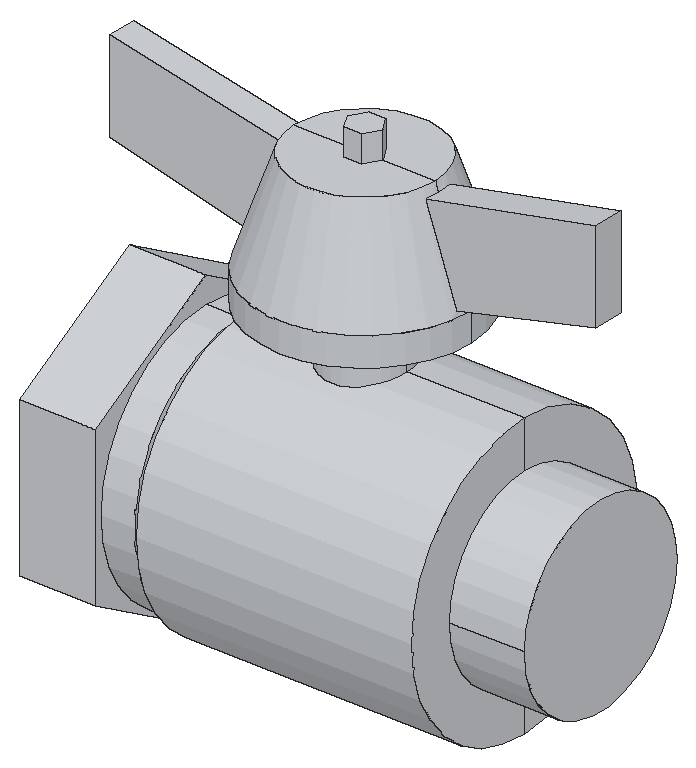
Revit family "Ahlsell_Кран_Шаровый_Бабочка", category Арматура трубопроводов, Revit 2016
Family settings
  Тип детали = Клапан - Вставляется
  Размер круглого соединителя = Использовать диаметр
  На основе рабочей плоскости = Нет
  Всегда вертикально = Нет
  При загрузке вырезать с полостями = Нет
  Общий = Нет
Parameters (values of type "Кран шаровый бабочка ahlsell  DN 1" НР-ВР")
  Ширина_Гайки = if(ADSK_Диаметр условный = 15 mm, 25 mm, if(ADSK_Диаметр условный = 20 mm, 30 mm, if(ADSK_Диаметр условный = 25 mm, 36 mm, 0 mm)))  # 36 mm
  Толщина_Гайки = 10 mm  # constant formula
  Тип_Бабочки = Бабочка : 1''
  Длина_Крана = if(ADSK_Диаметр условный = 15 mm, 46 mm, if(ADSK_Диаметр условный = 20 mm, 53 mm, if(ADSK_Диаметр условный = 25 mm, 62 mm, 0 mm)))  # 62 mm
  Длина_Бабочки = if(ADSK_Диаметр условный = 15 mm, 48 mm, if(ADSK_Диаметр условный = 20 mm, 48 mm, if(ADSK_Диаметр условный = 25 mm, 64 mm, 0 mm)))  # 64 mm
  Высота_Вентиля = if(ADSK_Диаметр условный = 15 mm, 16 mm, if(ADSK_Диаметр условный = 20 mm, 16 mm, if(ADSK_Диаметр условный = 25 mm, 21 mm, 0 mm)))  # 21 mm
  Высота_Бабочки = if(ADSK_Диаметр условный = 15 mm, 32 mm, if(ADSK_Диаметр условный = 20 mm, 35 mm, if(ADSK_Диаметр условный = 25 mm, 46 mm, 0 mm)))  # 46 mm
  ВР_ВР = no
  ВН_ВР = not(ВР_ВР)  # yes
  ADSK_Страна производства = "AHLSELL_PEX – Испания, Китай"  # constant formula
  ADSK_Обозначение = ""
  ADSK_Наименование = "Кран шаровый бабочка ahlsell  DN 1\" НР-ВР"
  ADSK_Масса_Текст = "0.305"
  ADSK_Код изделия = "AHLBV1MFTHFB"
  ADSK_Завод-изготовитель = "Алсель"  # constant formula
  ADSK_Единица измерения = "шт."  # constant formula
  ADSK_Диаметр условный = 25 mm
  ADSK_URL страницы изделия = "http://www.ahlsell.ru/"
Types (7, lengths in mm): name | Ширина_Гайки | Тип_Бабочки | Длина_Крана | Длина_Бабочки | Высота_Вентиля | Высота_Бабочки | ВР_ВР | ВН_ВР | ADSK_Наименование | ADSK_Масса_Текст | ADSK_Код изделия | ADSK_Диаметр условный
  (no name) | 36 | Бабочка : 1'' | 62 | 64 | 21 | 46 | no | yes | "Кран шаровый бабочка ahlsell  DN 1\" НР-ВР" | "0.305" | "AHLBV1MFTHFB" | 25
  Кран шаровый бабочка ahlsell  DN 1/2" ВР-ВР | 25 | Бабочка : 1/2'' | 46 | 48 | 16 | 32 | yes | no | "Кран шаровый бабочка ahlsell  DN 1/2\" ВР-ВР" | "0.115" | "AHLBV12FFTHRB" | 15
  Кран шаровый бабочка ahlsell  DN 3/4" ВР-ВР | 30 | Бабочка : 3/4'' | 53 | 48 | 16 | 35 | yes | no | "Кран шаровый бабочка ahlsell  DN 3/4\" ВР-ВР" | "0.165" | "AHLBV34FFTHRB" | 20
  Кран шаровый бабочка ahlsell  DN 1" ВР-ВР | 36 | Бабочка : 1'' | 62 | 64 | 21 | 46 | yes | no | "Кран шаровый бабочка ahlsell  DN 1\" ВР-ВР" | "0.286" | "AHLBV1FFTHRB" | 25
  Кран шаровый бабочка ahlsell  DN 1/2" НР-ВР | 25 | Бабочка : 1/2'' | 46 | 48 | 16 | 32 | no | yes | "Кран шаровый бабочка ahlsell  DN 1/2\" НР-ВР" | "0.120" | "AHLBV12MFTHFB" | 15
  Кран шаровый бабочка ahlsell  DN 3/4" НР-ВР | 30 | Бабочка : 3/4'' | 53 | 48 | 16 | 35 | no | yes | "Кран шаровый бабочка ahlsell  DN 3/4\" НР-ВР" | "0.167" | "AHLBV34MFTHFB" | 20
  Кран шаровый бабочка ahlsell  DN 1" НР-ВР | 36 | Бабочка : 1'' | 62 | 64 | 21 | 46 | no | yes | "Кран шаровый бабочка ahlsell  DN 1\" НР-ВР" | "0.305" | "AHLBV1MFTHFB" | 25
Reference planes
  plane 1 "По центру (Вперед/Назад)": y = 0
  plane 2: z = 0
  plane 3 "По центру (Влево/Вправо)": x = 0
  plane 4: x = 31
  plane 5 "Начало гайки": x = -31
  plane 6: x = -21
  plane 7: x = 21
  plane 8: z = 25
  plane 9: z = 46
Forms (mm)
  Extrusion 1, solid, detail levels fine
    sketch origin (0, 0, 0) x (0, 1, 0) y (0, 0, 1)
      loop
        line (-18, -10.392) -> (0, -20.785) -> (18, -10.392) -> (18, 10.392) -> (0, 20.785) -> (-18, 10.392) -> (-18, -10.392)
      loop
        circle (0, 0) r 12.5
    from -31 to -21
  Extrusion 2, solid, visible <- "ВР_ВР", detail levels fine
    sketch origin (0, 0, 0) x (0, 1, 0) y (0, 0, 1)
      loop
        line (-18, -10.392) -> (0, -20.785) -> (18, -10.392) -> (18, 10.392) -> (0, 20.785) -> (-18, 10.392) -> (-18, -10.392)
      loop
        circle (0, 0) r 12.5
    from 21 to 31
  Revolve 3, solid, detail levels fine
    sketch origin (0, 0, 0) x (1, 0, 0) y (0, 0, 1)
      loop
        line (21, 0) -> (21, 18.607) -> (-15.193, 18.607) -> (-16.51, 17.29) -> (-21, 17.29) -> (-21, 0) -> (21, 0)
      axis (-21, 0) -> (21, 0)
    angle from 0 to 360
  Revolve 4, solid, detail levels fine
    sketch origin (0, 0, 0) x (1, 0, 0) y (0, 0, 1)
      loop
        line (0, 0) -> (0, 25) -> (-5.5, 25) -> (-5.5, 0) -> (0, 0)
      axis (0, 25) -> (0, 0)
    angle from 0 to 360
  Extrusion 5, solid, visible <- "ВН_ВР", detail levels fine
    sketch origin (0, 0, 0) x (0, 1, 0) y (0, 0, 1)
      loop
        circle (0, 0) r 12.5
    from 21 to 31
Cuts and joins
  joined: Revolve 3, Revolve 4
Lines and regions (mm)
  reference lines
    curve 1: line (0, 0, 0) -> (0, 10.137, 5.853)
    curve 2: line (0, 0, 0) -> (0, -8.66, 5)
Dimensions and locks
  "Толщина_Гайки": plane 6 to plane 5 "Начало гайки"
  "Толщина_Гайки": plane 4 to plane 7
  "Длина_Крана": plane 4 to plane 5 "Начало гайки"
  equal spacing: plane 4, plane 3 "По центру (Влево/Вправо)", plane 5 "Начало гайки"
  equal spacing: Extrusion 1 sketch curve, curve 1, Extrusion 1 sketch curve
  "Ширина_Гайки": Extrusion 1 sketch curve to Extrusion 1 sketch curve  (x3)
  equal spacing: Extrusion 1 sketch curve, curve 2, Extrusion 1 sketch curve
  equal spacing: Extrusion 1 sketch curve, plane 1 "По центру (Вперед/Назад)", Extrusion 1 sketch curve
  equal spacing: Extrusion 2 sketch curve, curve 1, Extrusion 2 sketch curve
  "Ширина_Гайки": Extrusion 2 sketch curve to Extrusion 2 sketch curve  (x3)
  equal spacing: Extrusion 2 sketch curve, curve 2, Extrusion 2 sketch curve
  equal spacing: Extrusion 2 sketch curve, plane 1 "По центру (Вперед/Назад)", Extrusion 2 sketch curve
  locked: Extrusion 1 to Revolve 3 sketch curve at 2.177
  "Высота_Бабочки": plane 9 to level
  "Высота_Вентиля": plane 9 to plane 8
  "ADSK_Диаметр условный": diameter of Extrusion 1 sketch curve
  "ADSK_Диаметр условный": diameter of Extrusion 2 sketch curve
  "ADSK_Диаметр условный": diameter of Extrusion 5 sketch curve
  locked: level to curve 2 (angle 30.00°)
  locked: curve 1 to level (angle 30.00°)
  aligned and locked: level to plane 2
  aligned and locked: plane 1 "По центру (Вперед/Назад)" to curve 1
  aligned and locked: Extrusion 1 to plane 5 "Начало гайки"
  aligned and locked: plane 6 to Extrusion 1
  aligned and locked: Extrusion 2 to plane 7
  aligned and locked: plane 4 to Extrusion 2
  aligned and locked: Revolve 3 sketch curve to plane 6
  aligned and locked: plane 7 to Revolve 3 sketch curve
  aligned and locked: Revolve 3 sketch curve to level
  aligned and locked: Revolve 4 sketch curve to plane 3 "По центру (Влево/Вправо)"
  aligned and locked: Revolve 4 sketch curve to plane 8
  aligned and locked: plane 3 "По центру (Влево/Вправо)" to nested 1
  aligned and locked: Extrusion 5 to plane 7
  aligned and locked: plane 4 to Extrusion 5
  aligned and locked: plane 3 "По центру (Влево/Вправо)" to nested 2
  aligned and locked: nested 2 to level
Automatic sketch dimensions
  curve 2 to level = 0 mm
  Revolve 3 sketch curve to plane 6 = 0 mm
  Revolve 3 sketch curve to plane 7 = 0 mm
  Revolve 3 sketch curve to level = 0 mm
  plane 6 to Revolve 3 sketch curve = 4.49 mm
  Revolve 3 sketch curve to Revolve 3 sketch curve = 1.317 mm  (x2)
  Revolve 4 sketch curve to level = 0 mm
  Revolve 4 sketch curve to level = 2.718 mm
  plane 9 to Revolve 4 sketch curve = 3.091 mm
  Revolve 4 sketch curve to plane 3 "По центру (Влево/Вправо)" = 0 mm
  Revolve 4 sketch curve to plane 3 "По центру (Влево/Вправо)" = 5.5 mm
  Extrusion 1 sketch curve to level = 0 mm
  Extrusion 1 sketch curve to plane 1 "По центру (Вперед/Назад)" = 0 mm
  Extrusion 2 sketch curve to level = 0 mm
  Extrusion 2 sketch curve to plane 1 "По центру (Вперед/Назад)" = 0 mm
  Extrusion 5 sketch curve to level = 0 mm
  Extrusion 5 sketch curve to plane 1 "По центру (Вперед/Назад)" = 0 mm
Nested families
  nested 1: "Бабочка" at (0, 0, 0), Высота_Бабочки <- "Высота_Бабочки", Длина_Бабочки <- "Длина_Бабочки", type <- "Тип_Бабочки", type "1''", detail levels fine
    with Длина_Бабочки 64 mm, Высота_Бабочки 46 mm, Радиус_Бабочки 14 mm, Высота_Лопастей 12 mm, Высота_Гайки 3.5 mm, Высота_Бабоски_В_Н 21 mm
  nested 2: "УГО_Кран_Шаровый_2D_3D" at (0, 0, 0) x (1, 0, 0) z (0, -1, 0), type "УГО_Кран_Шаровый_2D_3D", detail levels coarse+medium
    with Ширина 31 mm, Длина 62 mm
Connectors
  piping at (21, 0, 0), diameter 25, driven by "ADSK_Диаметр условный"
    settings: on Extrusion 2, index 1, connector inside diameter 609.6 mm, connector length 0 mm, flow factor 0, pipe flow 0.0 L/s, pressure drop 0.0 Pa, fitting loss kfactor 0, connector angle 0.00°, fixture units 0, engagement length 0 mm, angle of deflection 0.00°, flow configuration 0, flow direction 0, fitting loss method 0, system type 29, joint type 0, gender type 0, connector reference index 2, connector utility 0, adjustable connector no, is connector primary yes, connector description ""
  piping at (-21, 0, 0), diameter 25, driven by "ADSK_Диаметр условный"
    settings: on Extrusion 1, index 2, connector inside diameter 609.6 mm, connector length 0 mm, flow factor 0, pipe flow 0.0 L/s, pressure drop 0.0 Pa, fitting loss kfactor 0, connector angle 0.00°, fixture units 0, engagement length 0 mm, angle of deflection 0.00°, flow configuration 0, flow direction 0, fitting loss method 0, system type 29, joint type 0, gender type 0, connector reference index 1, connector utility 0, adjustable connector no, is connector primary no, connector description ""
Definition of nested family "Бабочка"
  Parameters (values of type "3/4"")
    Радиус_Бабочки = 10.931 mm
    Длина_Бабочки [instance] = 48 mm
    Высота_Низа = 3.82 mm
    Высота_Лопастей = 9 mm
    Высота_Гайки = 2.554 mm
    Высота_Бабочки [instance] = 35 mm
    Высота_Бабоски_В_Н = 16 mm
  Types (4, lengths in mm): name | Радиус_Бабочки | Длина_Бабочки | Высота_Лопастей | Высота_Гайки | Высота_Бабочки | Высота_Бабоски_В_Н
    (no name) | 10.931 | 48 | 9 | 2.554 | 35 | 16
    1/2" | 10.931 | 48 | 9 | 2.554 | 32 | 16
    1" | 14 | 64 | 12 | 3.5 | 46 | 21
    3/4" | 10.931 | 48 | 9 | 2.554 | 35 | 16
  Reference planes
    plane 1 "По центру (Вперед/Назад)": y = 0
    plane 2: z = 0
    plane 3 "По центру (Влево/Вправо)": x = 0
    plane 4: z = 35
    plane 5: z = 32.446
    plane 6: z = 26
    plane 7: z = 19
    plane 8: x = -24
    plane 9: x = 24
    plane 10: z = 22.82
  Forms (mm)
    Revolve 1, solid
      sketch origin (0, 0, 0) x (1, 0, 0) y (0, 0, 1)
        loop
          line (0, 32.446) -> (0, 19) -> (10.931, 19) -> (10.931, 22.82) -> (6.263, 32.446) -> (0, 32.446)
        axis (0, 32.446) -> (0, 19)
      angle from 0 to 360
    Extrusion 2, solid
      sketch origin (0, 0, 0) x (1, 0, 0) y (0, 0, 1)
        loop
          line (-24, 35) -> (-24, 26) -> (-10.931, 22.82) -> (10.931, 22.82) -> (24, 26) -> (24, 35) -> (6.334, 30.595) -> (-6.334, 30.595) -> (-24, 35)
      from -2 to 2
    Extrusion 3, solid
      sketch origin (0, 0, 0) x (1, 0, 0) y (0, 1, 0)
        loop
          line (-1.158, 2.006) -> (-2.316, 0) -> (-1.158, -2.006) -> (1.158, -2.006) -> (2.316, 0) -> (1.158, 2.006) -> (-1.158, 2.006)
      from 32.446 to 35
  Cuts and joins
    joined: Revolve 1, Extrusion 2
  Dimensions and locks
    equal spacing: plane 9, plane 3 "По центру (Влево/Вправо)", plane 8
    "Длина_Бабочки": plane 9 to plane 8
    "Высота_Бабочки": plane 4 to level
    "Высота_Гайки": plane 4 to plane 5
    "Высота_Лопастей": plane 4 to plane 6
    "Высота_Бабоски_В_Н": plane 4 to plane 7
    "Высота_Низа": plane 10 to plane 7
    "Радиус_Бабочки": Revolve 1 sketch curve to plane 3 "По центру (Влево/Вправо)"
    locked: Revolve 1 sketch curve to Revolve 1 sketch curve at 4.668
    aligned and locked: level to plane 2
    aligned and locked: Revolve 1 sketch curve to plane 3 "По центру (Влево/Вправо)"
    aligned and locked: plane 3 "По центру (Влево/Вправо)" to Revolve 1 sketch curve
    aligned and locked: plane 7 to Revolve 1 sketch curve
    aligned and locked: Revolve 1 sketch curve to plane 5
    aligned and locked: plane 10 to Revolve 1 sketch curve
    aligned and locked: plane 5 to Revolve 1 sketch curve
    aligned and locked: plane 8 to Extrusion 2 sketch curve
    aligned and locked: plane 4 to Extrusion 2 sketch curve  (x2)
    aligned and locked: plane 6 to Extrusion 2 sketch curve  (x2)
    aligned and locked: Extrusion 2 sketch curve to plane 10
    aligned and locked: Extrusion 2 sketch curve to plane 9
    aligned and locked: plane 4 to Extrusion 3
    aligned and locked: Extrusion 3 to plane 5
  Automatic sketch dimensions
    plane 3 "По центру (Влево/Вправо)" to Extrusion 2 sketch curve = 6.334 mm
    Extrusion 2 sketch curve to Extrusion 2 sketch curve = 21.862 mm
    Extrusion 2 sketch curve to Extrusion 2 sketch curve = 12.667 mm
    Extrusion 2 sketch curve to plane 5 = 1.851 mm
    Extrusion 2 sketch curve to Extrusion 2 sketch curve = 4.597 mm
    level to Revolve 1 sketch curve = 7.386 mm
    plane 4 to Revolve 1 sketch curve = 4.168 mm
Definition of nested family "УГО_Кран_Шаровый_2D_3D"
  Parameters (values of type "УГО_Кран_Шаровый_2D_3D")
    Ширина = Длина / 2  # 23 mm
    Default Elevation = 1219.2 mm
    Длина = 46 mm
  Reference planes
    plane 1 "По центру (Вперед/Назад)": y = 0
    plane 2: z = 0
    plane 3 "По центру (Влево/Вправо)": x = 0
  Forms (mm)
    Extrusion 1, solid, detail levels medium
      sketch origin (0, 0, 0) x (1, 0, 0) y (0, 1, 0)
        loop
          arc (5.367, 2.683) -> (6, 0) -> (5.367, -2.683) r 6
          line (5.367, -2.683) -> (23, -11.5) -> (23, 11.5) -> (5.367, 2.683)
        loop
          line (-23, 11.5) -> (-23, -11.5) -> (-5.367, -2.683)
          arc (-5.367, -2.683) -> (-6, 0) -> (-5.367, 2.683) r 6
          line (-5.367, 2.683) -> (-23, 11.5)
      from -0.5 to 0.5
    Extrusion 2, solid, detail levels medium
      sketch origin (0, 0, 0) x (1, 0, 0) y (0, 1, 0)
        loop
          circle (0, 0) r 6
      from -0.5 to 0.5
  Lines and regions (mm)
    model lines, detail levels coarse
      curve 1: line (-23, 11.5, 0) -> (-5.367, 2.683, 0)
      curve 2: line (-5.367, -2.683, 0) -> (-23, -11.5, 0)
      curve 3: line (-23, -11.5, 0) -> (-23, 11.5, 0)
      curve 4: line (5.367, 2.683, 0) -> (23, 11.5, 0)
      curve 5: line (23, 11.5, 0) -> (23, -11.5, 0)
      curve 6: line (23, -11.5, 0) -> (5.367, -2.683, 0)
      curve 7: circle (0, 0, 0) r 6 normal (0, 0, 1)
  Dimensions and locks
    aligned and locked: level to plane 2
    aligned and locked: curve 1 to nested 1
    aligned and locked: nested 1 to curve 2
    aligned and locked: curve 3 to nested 1
    aligned and locked: nested 1 to curve 4
    aligned and locked: curve 5 to nested 1
    aligned and locked: curve 6 to nested 1
    aligned and locked: curve 7 to nested 1
    aligned and locked: nested 1 to Extrusion 1 sketch curve  (x2)
    aligned and locked: Extrusion 1 sketch curve to nested 1  (x5)
    aligned and locked: Extrusion 2 sketch curve to nested 1
  Nested families
    nested 1: "УГО_Кран_Шаровый" at (0, 0, 0), type "УГО_Кран_Шаровый", detail levels coarse+medium
      with Ширина 23 mm, Длина 46 mm
  Definition of nested family "УГО_Кран_Шаровый"
    Parameters (values of type "УГО_Кран_Шаровый")
      Ширина = Длина / 2  # 30 mm
      УГО = yes
      Длина = 60 mm
    Reference planes
      plane 1 "По центру (Вперед/Назад)": y = 0
      plane 2: z = 0
      plane 3 "По центру (Влево/Вправо)": x = 0
      plane 4: x = -30
      plane 5: y = 15
      plane 6: x = 30
      plane 7: y = -15
    Lines and regions (mm)
      Filled region 1, type "Сплошная заливка - Черный", in view "Опорный уровень", visible <- "УГО"
        outline origin (0, 0, 0) x (1, 0, 0) y (0, 1, 0)
          loop
            circle (0, 0) r 6
      detail lines, in view "Опорный уровень", visible <- "УГО"
        curve 1: line (0, 0, 0) -> (30, 15, 0)
        curve 2: line (30, 15, 0) -> (30, -15, 0)
        curve 3: line (30, -15, 0) -> (0, 0, 0)
        curve 4: line (-30, 15, 0) -> (0, 0, 0)
        curve 5: line (0, 0, 0) -> (-30, -15, 0)
        curve 6: line (-30, -15, 0) -> (-30, 15, 0)
        curve 7: circle (0, 0, 0) r 6 normal (0, 0, 1)
    Dimensions and locks
      equal spacing: plane 4, plane 3 "По центру (Влево/Вправо)", plane 6
      "Длина": plane 4 to plane 6
      equal spacing: plane 5, plane 1 "По центру (Вперед/Назад)", plane 7
      "Ширина": plane 5 to plane 7
      aligned and locked: plane 6 to curve 2
      aligned and locked: plane 5 to curve 4
      aligned and locked: plane 4 to curve 6
      aligned and locked: Filled region 1 sketch curve to curve 7
    Automatic sketch dimensions
      plane 1 "По центру (Вперед/Назад)" to curve 5 = 0 mm
      curve 5 to plane 3 "По центру (Влево/Вправо)" = 0 mm
      plane 1 "По центру (Вперед/Назад)" to curve 7 = 0 mm
      curve 7 to plane 3 "По центру (Влево/Вправо)" = 0 mm
      plane 7 to curve 6 = 0 mm
      plane 7 to curve 2 = 0 mm
      curve 1 to plane 5 = 0 mm
      radius of curve 7 = 6 mm
